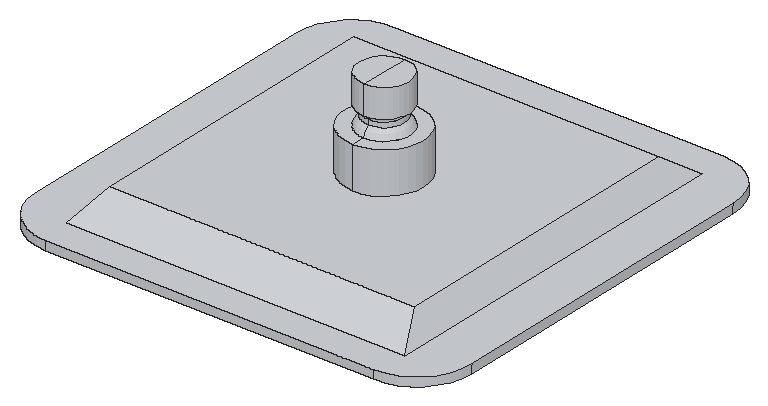
Revit family "BRG-GRF-DCH_ Briggs Reg. Cuad. Slim ABS Cr 20 +ù 20 cm", category Aparatos sanitarios, Revit 2020 (continued)
Definition of nested family "REJILLA"
  Automatic sketch dimensions
    radius of SweptBlend 43 sketch curve = 0.003 m
    radius of SweptBlend 44 sketch curve = 0.0015 m
    radius of SweptBlend 44 sketch curve = 0.003 m
    radius of SweptBlend 45 sketch curve = 0.0015 m
    radius of SweptBlend 45 sketch curve = 0.003 m
    radius of SweptBlend 46 sketch curve = 0.0015 m
    radius of SweptBlend 46 sketch curve = 0.003 m
    radius of SweptBlend 47 sketch curve = 0.0015 m
    radius of SweptBlend 47 sketch curve = 0.003 m
    radius of SweptBlend 48 sketch curve = 0.0015 m
    radius of SweptBlend 48 sketch curve = 0.003 m
    radius of SweptBlend 49 sketch curve = 0.0015 m
    radius of SweptBlend 49 sketch curve = 0.003 m
    radius of SweptBlend 50 sketch curve = 0.0015 m
    radius of SweptBlend 50 sketch curve = 0.003 m
    radius of SweptBlend 51 sketch curve = 0.0015 m
    radius of SweptBlend 51 sketch curve = 0.003 m
    radius of SweptBlend 52 sketch curve = 0.0015 m
    radius of SweptBlend 52 sketch curve = 0.003 m
    radius of SweptBlend 53 sketch curve = 0.0015 m
    radius of SweptBlend 53 sketch curve = 0.003 m
    radius of SweptBlend 54 sketch curve = 0.0015 m
    radius of SweptBlend 54 sketch curve = 0.003 m
    radius of SweptBlend 55 sketch curve = 0.0015 m
    radius of SweptBlend 55 sketch curve = 0.003 m
    radius of SweptBlend 56 sketch curve = 0.0015 m
    radius of SweptBlend 56 sketch curve = 0.003 m
    radius of SweptBlend 57 sketch curve = 0.0015 m
    radius of SweptBlend 57 sketch curve = 0.003 m
    radius of SweptBlend 58 sketch curve = 0.0015 m
    radius of SweptBlend 58 sketch curve = 0.003 m
    radius of SweptBlend 59 sketch curve = 0.0015 m
    radius of SweptBlend 59 sketch curve = 0.003 m
    radius of SweptBlend 60 sketch curve = 0.0015 m
    radius of SweptBlend 60 sketch curve = 0.003 m
    radius of SweptBlend 61 sketch curve = 0.0015 m
    radius of SweptBlend 61 sketch curve = 0.003 m
    radius of SweptBlend 62 sketch curve = 0.0015 m
    radius of SweptBlend 62 sketch curve = 0.003 m
    radius of SweptBlend 63 sketch curve = 0.0015 m
    radius of SweptBlend 63 sketch curve = 0.003 m
    radius of SweptBlend 64 sketch curve = 0.0015 m
    radius of SweptBlend 64 sketch curve = 0.003 m
    radius of SweptBlend 65 sketch curve = 0.0015 m
    radius of SweptBlend 65 sketch curve = 0.003 m
    radius of SweptBlend 66 sketch curve = 0.0015 m
    radius of SweptBlend 66 sketch curve = 0.003 m
    radius of SweptBlend 67 sketch curve = 0.0015 m
    radius of SweptBlend 67 sketch curve = 0.003 m
    radius of SweptBlend 68 sketch curve = 0.0015 m
    radius of SweptBlend 68 sketch curve = 0.003 m
    radius of SweptBlend 69 sketch curve = 0.0015 m
    radius of SweptBlend 69 sketch curve = 0.003 m
    radius of SweptBlend 70 sketch curve = 0.0015 m
    radius of SweptBlend 70 sketch curve = 0.003 m
    radius of SweptBlend 71 sketch curve = 0.0015 m
    radius of SweptBlend 71 sketch curve = 0.003 m
    radius of SweptBlend 72 sketch curve = 0.0015 m
    radius of SweptBlend 72 sketch curve = 0.003 m
    radius of SweptBlend 73 sketch curve = 0.0015 m
    radius of SweptBlend 73 sketch curve = 0.003 m
    radius of SweptBlend 74 sketch curve = 0.0015 m
    radius of SweptBlend 74 sketch curve = 0.003 m
    radius of SweptBlend 75 sketch curve = 0.0015 m
    radius of SweptBlend 75 sketch curve = 0.003 m
    radius of SweptBlend 76 sketch curve = 0.0015 m
    radius of SweptBlend 76 sketch curve = 0.003 m
    radius of SweptBlend 77 sketch curve = 0.0015 m
    radius of SweptBlend 77 sketch curve = 0.003 m
    radius of SweptBlend 78 sketch curve = 0.0015 m
    radius of SweptBlend 78 sketch curve = 0.003 m
    radius of SweptBlend 79 sketch curve = 0.0015 m
    radius of SweptBlend 79 sketch curve = 0.003 m
    radius of SweptBlend 80 sketch curve = 0.0015 m
    radius of SweptBlend 80 sketch curve = 0.003 m
    radius of SweptBlend 81 sketch curve = 0.0015 m
    radius of SweptBlend 81 sketch curve = 0.003 m
    radius of SweptBlend 82 sketch curve = 0.0015 m
    radius of SweptBlend 82 sketch curve = 0.003 m
    radius of SweptBlend 83 sketch curve = 0.0015 m
    radius of SweptBlend 83 sketch curve = 0.003 m
    radius of SweptBlend 84 sketch curve = 0.0015 m
    radius of SweptBlend 84 sketch curve = 0.003 m
    radius of SweptBlend 85 sketch curve = 0.0015 m
    radius of SweptBlend 85 sketch curve = 0.003 m
